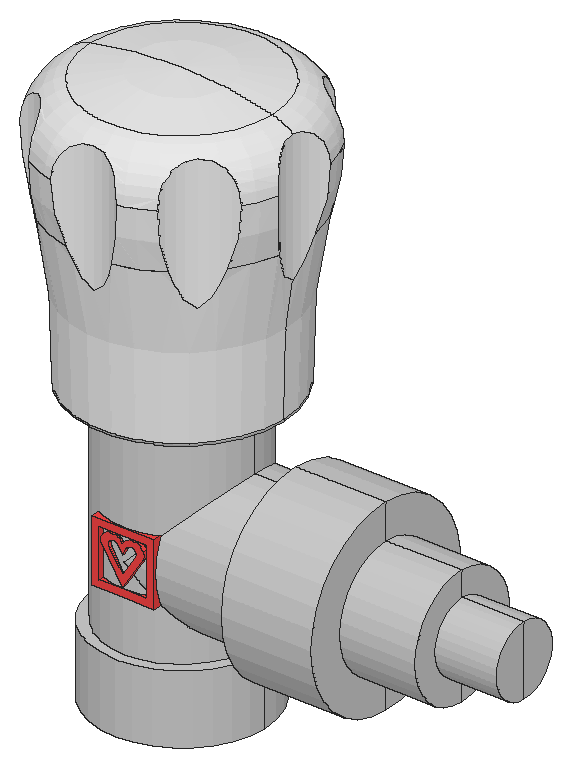
Revit family "Запорно-регулирующий радиаторный клапан GP, угловой 5524", category Rohrzubehör, Revit 2021
Family settings
  Bemaßung runder Anschluss = Durchmesser verwenden
  Teiletyp = Unterbricht
  OmniClass-Nummer = 23.65.55.14
  OmniClass-Titel = Valves for Liquid Services
  Arbeitsebenenbasiert = Nein
  Immer vertikal = Ja
  Beim Laden mit Abzugskörper schneiden = Nein
  Gemeinsam genutzt = Nein
Parameters
  Среда = "Качество воды в соответствии с ÖNORM H 5195 или директивой VDI 2035."
  Область применения = "Системы водяного отопления, в которых требуется точное ручное гидравлическое регулирование подачи воды к отопительным приборам. Рекомендуется также для монтажа в системах холодоснабжения, для точного ручного регулирования регистров охлаждения."
  Номер заказа [instance] = size_lookup("5524_", "Artnr", 0, Nennweite)  # 1552420
  Маховик = "Пластик, белый"  # constant formula
  Макс. рабочее давление = 1000000.0 Pa  # constant formula
  Макс. рабочая температура = 120 °C  # constant formula
  Корпус = "Никелированная латунь"  # constant formula
  Исполнение = "Универсальные модели со специальной муфтой для резьбовой трубы и компрессионных фитингов, никелированные."
  Vorgabe-Ansicht = 0.000 mm
  URL = "www.herz-armaturen.ru"
  SCRNSEQ = "ARM;ARM_TYP=\"ALLF\";2"
  SCRNCODE = "05;00;02"  # constant formula
  S04 = 45.000 mm  # constant formula
  S03 [instance] = H02 - 5.000 mm + 41.000 mm  # 60.000 mm
  S02 [instance] = L04 + L03 - L02  # 25.500 mm
  S01 = 10.000 mm  # constant formula
  Nennweite [instance] = 10.000 mm
  LO1 [instance] = R01 - 0.500 mm  # 10.000 mm
  L04 [instance] = size_lookup("5524_", "L4", 1.000 mm, Nennweite)  # 20.000 mm
  L03 [instance] = size_lookup("5524_", "L3", 1.000 mm, Nennweite)  # 13.000 mm
  L02 [instance] = size_lookup("5524_", "L2", 1.000 mm, Nennweite)  # 7.500 mm
  L01 [instance] = size_lookup("5524_", "L1", 1.000 mm, Nennweite)  # 24.000 mm
  Hersteller = "HERZ Armaturen Ges.m.b.H."  # constant formula
  H03 [instance] = size_lookup("5524_", "H3", 1.000 mm, Nennweite)  # 10.000 mm
  H02 [instance] = size_lookup("5524_", "H2", 1.000 mm, Nennweite)  # 24.000 mm
  H01 [instance] = size_lookup("5524_", "H1", 1.000 mm, Nennweite)  # 22.000 mm
  GT1 [instance] = size_lookup("5524_", "GT1", 1.000 mm, Nennweite)  # 9.000 mm
  GT [instance] = size_lookup("5524_", "GT", 1.000 mm, Nennweite)  # 9.500 mm
  G2 [instance] = Nennweite / 2  # 5.000 mm
  G1 [instance] = Nennweite / 2  # 5.000 mm
  R01 = 10.500 mm  # constant formula
  D05 [instance] = size_lookup("5524_", "D5", 1.000 mm, Nennweite)  # 8.500 mm
  D04 [instance] = size_lookup("5524_", "D4", 1.000 mm, Nennweite)  # 13.500 mm
  D03 [instance] = R01  # 10.500 mm
  D02 [instance] = size_lookup("5524_", "D2", 1.000 mm, Nennweite)  # 7.940 mm
  D01 [instance] = size_lookup("5524_", "D1", 1.000 mm, Nennweite)  # 12.000 mm
Reference planes
  plane 1 "Mitte (Vorne/hinten)": y = 0
  plane 2: z = 0
  plane 3 "Mitte (Links/rechts)": x = 0
Forms (mm)
  Revolve 1, solid, material "Messing, weicher Gelbton, geschweißt", detail levels fine
    sketch origin (0, 0, 0) x (1, 0, 0) y (0, 0, 1)
      loop
        line (0, 24) -> (-10.5, 24) -> (-10.5, -12) -> (-12, -12) -> (-12, -22) -> (-5, -22) -> (-5, -12.5) -> (0, -12.5) -> (0, 24)
      axis (0, 24) -> (0, -22)
    angle from 0 to 360
  Revolve 2, solid, material "Messing, weicher Gelbton, geschweißt", detail levels fine
    sketch origin (0, 0, 0) x (1, 0, 0) y (0, 0, 1)
      loop
        line (0, 0) -> (24, 0) -> (24, 7.94) -> (16.5, 7.94) -> (16.5, 10.5) -> (0, 10.5) -> (0, 0)
      axis (0, 0) -> (24, 0)
    angle from 0 to 360
  Revolve 3, solid, material "Messing, weicher Gelbton, geschweißt", detail levels fine
    sketch origin (-1, 0, 0) x (1, 0, 0) y (0, 0, 1)
      loop
        line (25, 0) -> (50.5, 0) -> (50.5, 5) -> (41.5, 5) -> (41.5, 8.5) -> (30.5, 8.5) -> (30.5, 13.5) -> (17.5, 13.5) -> (17.5, 7.94) -> (25, 7.94) -> (25, 0)
      axis (17.5, 0) -> (50.5, 0)
    angle from 0 to 360
Lines and regions (mm)
  model lines, detail levels coarse+medium
    curve 1: line (0, 0, 0) -> (12, 0, -22)
    curve 2: line (12, 0, -22) -> (-12, 0, -22)
    curve 3: line (-12, 0, -22) -> (0, 0, 0)
    curve 4: line (0, 0, 0) -> (24, 0, 13.5)
    curve 5: line (24, 0, 13.5) -> (24, 0, -13.5)
    curve 6: line (24, 0, -13.5) -> (0, 0, 0)
    curve 7: line (24, 0, 13.5) -> (34, 0, 13.5)
    curve 8: line (34, 0, 13.5) -> (24, 0, 0)
    curve 9: line (24, 0, -13.5) -> (34, 0, -13.5)
    curve 10: line (34, 0, -13.5) -> (24, 0, 0)
    curve 11: line (24, 0, 0) -> (49.5, 0, 0)
    curve 12: line (0, 0, 0) -> (0, 0, 60)
    curve 13: line (-22.5, 0, 60) -> (22.5, 0, 60)
    curve 14: line (0, 0, 0) -> (0, 60, 0)
    curve 15: line (-22.5, 60, 0) -> (22.5, 60, 0)
    curve 16: line (0, 0, 0) -> (12, -22, 0)
    curve 17: line (12, -22, 0) -> (-12, -22, 0)
    curve 18: line (-12, -22, 0) -> (0, 0, 0)
    curve 19: line (0, 0, 0) -> (24, 13.5, 0)
    curve 20: line (24, 13.5, 0) -> (24, -13.5, 0)
    curve 21: line (24, -13.5, 0) -> (0, 0, 0)
    curve 22: line (24, 13.5, 0) -> (34, 13.5, 0)
    curve 23: line (34, 13.5, 0) -> (24, 0, 0)
    curve 24: line (24, -13.5, 0) -> (34, -13.5, 0)
    curve 25: line (24, 0, 0) -> (34, -13.5, 0)
Dimensions and locks
  "H02": Revolve 1 sketch curve to plane 2
  "H01": plane 2 to Revolve 1 sketch curve
  "R01": Revolve 1 sketch curve to Revolve 1 sketch curve
  "G1": Revolve 1 sketch curve to Revolve 1 sketch curve
  "D01": Revolve 1 sketch curve to Revolve 1 sketch curve
  "GT": Revolve 1 sketch curve to Revolve 1 sketch curve
  "H03": Revolve 1 sketch curve to Revolve 1 sketch curve
  "D02": Revolve 2 sketch curve to Revolve 2 sketch curve
  "D03": Revolve 2 sketch curve to Revolve 2 sketch curve
  "L01": Revolve 2 sketch curve to Revolve 2 sketch curve
  "L02": Revolve 2 sketch curve to Revolve 2 sketch curve
  "H02": nested 1 to plane 2
  "LO1": nested 2 to plane 1 "Mitte (Vorne/hinten)"
  "L02": Revolve 3 sketch curve to Revolve 3 sketch curve
  "L03": Revolve 3 sketch curve to Revolve 3 sketch curve
  "L04": Revolve 3 sketch curve to Revolve 3 sketch curve
  "D04": Revolve 3 sketch curve to Revolve 3 sketch curve
  "G2": Revolve 3 sketch curve to Revolve 3 sketch curve
  "D05": Revolve 3 sketch curve to Revolve 3 sketch curve
  "GT1": Revolve 3 sketch curve to Revolve 3 sketch curve
  "L01": plane 3 "Mitte (Links/rechts)" to Revolve 3 sketch curve
  "D02": Revolve 3 sketch curve to plane 2
  "H01": plane 2 to curve 2
  "L01": curve 5 to plane 3 "Mitte (Links/rechts)"
  "D01": curve 2 to plane 3 "Mitte (Links/rechts)" to curve 3
  "D04": curve 5 to plane 2 to curve 6
  "S01": curve 5 to curve 8
  "S01": curve 5 to curve 10
  "S02": curve 11 to curve 11
  "S03": curve 12 to plane 2
  equal spacing: curve 13, curve 12, curve 13
  "S04": curve 13 to curve 13
  "S04": curve 15 to curve 15
  equal spacing: curve 15, curve 14, curve 15
  "S03": plane 1 "Mitte (Vorne/hinten)" to curve 14
  "H01": curve 17 to plane 1 "Mitte (Vorne/hinten)"
  "D01": curve 18 to plane 3 "Mitte (Links/rechts)" to curve 17
  "L01": plane 3 "Mitte (Links/rechts)" to curve 20
  "D04": curve 21 to plane 1 "Mitte (Vorne/hinten)" to curve 20
  "S01": curve 20 to curve 23
  "S01": curve 20 to curve 25
  aligned and locked: level to plane 2
Automatic sketch dimensions
  curve 12 to plane 3 "Mitte (Links/rechts)" = 0.000 mm
  curve 4 to level = 0.000 mm
  curve 10 to level = 0.000 mm
  curve 8 to level = 0.000 mm
  plane 1 "Mitte (Vorne/hinten)" to curve 16 = 0.000 mm
  curve 16 to plane 3 "Mitte (Links/rechts)" = 0.000 mm
  plane 1 "Mitte (Vorne/hinten)" to curve 23 = 0.000 mm
  Revolve 1 sketch curve to plane 3 "Mitte (Links/rechts)" = 0.000 mm  (x2)
  Revolve 1 sketch curve to Revolve 1 sketch curve = 345.545 mm
  Revolve 1 sketch curve to Revolve 1 sketch curve = 2189.815 mm
  Revolve 2 sketch curve to level = 0.000 mm  (x2)
  Revolve 2 sketch curve to plane 3 "Mitte (Links/rechts)" = 0.000 mm
  Revolve 2 sketch curve to plane 3 "Mitte (Links/rechts)" = 1506.530 mm
  Revolve 2 sketch curve to Revolve 2 sketch curve = 1815.148 mm
  Revolve 3 sketch curve to level = 0.000 mm  (x2)
  Revolve 3 sketch curve to plane 3 "Mitte (Links/rechts)" = 1507.530 mm
  Revolve 3 sketch curve to Revolve 3 sketch curve = 1789.648 mm
Nested families
  nested 1: "Handrad-Heizkörperventile" at (0, 0, 18.5), type "Handrad-Heizkörperventile", detail levels fine
  nested 2: "Herz-Logo-vorne" at (0, -10, 0) x (0, -1, 0) z (0, 0, 1), type "Herz-Logo-vorne", detail levels fine
Connectors
  piping at (0, 0, -12.5), diameter 10, driven by "Nennweite"
    settings: on Revolve 1, index 1, connector inside diameter 609.6 mm, connector length 0.000 mm, flow factor 0, pipe flow 0.0 L/s, pressure drop 0.0 Pa, fitting loss kfactor 0, connector angle 0.00°, fixture units 0, engagement length 0.000 mm, angle of deflection 0.00°, flow configuration 0, flow direction 1, fitting loss method 0, system type 7, joint type 0, gender type 0, connector reference index -1, connector utility 0, adjustable connector no, is connector primary yes, connector description ""
  piping at (49.5, 0, 0), diameter 10, driven by "Nennweite"
    settings: on Revolve 3, index 2, connector inside diameter 609.6 mm, connector length 0.000 mm, flow factor 0, pipe flow 0.0 L/s, pressure drop 0.0 Pa, fitting loss kfactor 0, connector angle 0.00°, fixture units 0, engagement length 0.000 mm, angle of deflection 0.00°, flow configuration 0, flow direction 2, fitting loss method 0, system type 7, joint type 0, gender type 0, connector reference index -1, connector utility 0, adjustable connector no, is connector primary no, connector description ""
Definition of nested family "Handrad-Heizkörperventile"
  Parameters (values of type "Handrad-Heizkörperventile")
    Default Elevation = 0.000 mm
    T01 = 5.500 mm  # constant formula
    R01 = 10.500 mm  # constant formula
  Reference planes
    plane 1 "Mitte (Vorne/hinten)": y = 0
    plane 2: z = 0
    plane 3 "Mitte (Links/rechts)": x = 0
  Forms (mm)
    Revolve 1, solid, detail levels fine
      sketch origin (0, 0, 0) x (1, 0, 0) y (0, 0, 1)
        loop
          line (10.5, 0) -> (14.25, 0)
          arc (14.25, 0) -> (14.604, 0.146) -> (14.75, 0.5) r 0.5
          arc (14.75, 0.5) -> (15.098, 12.356) -> (17.195, 24.03) r 80
          arc (17.195, 24.03) -> (18.172, 28.281) -> (18.5, 32.63) r 29
          arc (18.5, 32.63) -> (17.011, 36.946) -> (13.177, 39.426) r 7
          arc (13.177, 39.426) -> (6.637, 40.626) -> (0, 41.028) r 55
          line (0, 41.028) -> (0, 5.5) -> (10.5, 5.5) -> (10.5, 0)
        axis (0, 41.028) -> (0, 0)
      angle from 0 to 360
    Extrusion 2, void
      sketch origin (0, 0, 0) x (1, 0, 0) y (0, 1, 0)
        loop
          arc (-16.011, 9.268) -> (-11.314, 11.314) -> (-9.268, 16.011) r 7
          arc (-9.268, 16.011) -> (-13.081, 13.081) -> (-16.011, 9.268) r 18.5
        loop
          arc (16.011, 9.268) -> (13.081, 13.081) -> (9.268, 16.011) r 18.5
          arc (9.268, 16.011) -> (11.314, 11.314) -> (16.011, 9.268) r 7
        loop
          arc (-16.011, -9.268) -> (-13.081, -13.081) -> (-9.268, -16.011) r 18.5
          arc (-9.268, -16.011) -> (-11.314, -11.314) -> (-16.011, -9.268) r 7
        loop
          arc (16.011, -9.268) -> (11.314, -11.314) -> (9.268, -16.011) r 7
          arc (9.268, -16.011) -> (13.081, -13.081) -> (16.011, -9.268) r 18.5
        loop
          arc (17.953, 4.58) -> (16.078, -0.188) -> (17.953, -4.956) r 7
          arc (17.953, -4.956) -> (18.578, -0.188) -> (17.953, 4.58) r 18.5
        loop
          arc (-17.953, 4.58) -> (-18.578, -0.188) -> (-17.953, -4.956) r 18.5
          arc (-17.953, -4.956) -> (-16.078, -0.188) -> (-17.953, 4.58) r 7
        loop
          arc (-4.58, 17.953) -> (0.188, 16.078) -> (4.956, 17.953) r 7
          arc (4.956, 17.953) -> (0.188, 18.578) -> (-4.58, 17.953) r 18.5
        loop
          arc (-4.58, -17.953) -> (0.188, -18.578) -> (4.956, -17.953) r 18.5
          arc (4.956, -17.953) -> (0.188, -16.078) -> (-4.58, -17.953) r 7
      from 15.609 to 43.011
  Cuts and joins
    Extrusion 2 cuts Revolve 1
  Dimensions and locks
    "R01": Revolve 1 sketch curve to Revolve 1 sketch curve
    Revolve 1 sketch curve to plane 3 "Mitte (Links/rechts)" = 14.750 mm
    "T01": Revolve 1 sketch curve to Revolve 1 sketch curve
    aligned and locked: level to plane 2
  Automatic sketch dimensions
    Extrusion 2 sketch curve to Extrusion 2 sketch curve = 0.000 mm  (x14)
    plane 1 "Mitte (Vorne/hinten)" to Extrusion 2 sketch curve = 0.000 mm
    Extrusion 2 sketch curve to plane 3 "Mitte (Links/rechts)" = 0.000 mm
    Extrusion 2 sketch curve to plane 3 "Mitte (Links/rechts)" = 0.078 mm
    Extrusion 2 sketch curve to plane 3 "Mitte (Links/rechts)" = 16.263 mm  (x2)
    plane 1 "Mitte (Vorne/hinten)" to Extrusion 2 sketch curve = 0.188 mm  (x2)
    Extrusion 2 sketch curve to Extrusion 2 sketch curve = 6.815 mm  (x4)
    plane 3 "Mitte (Links/rechts)" to Extrusion 2 sketch curve = 0.078 mm
    plane 3 "Mitte (Links/rechts)" to Extrusion 2 sketch curve = 0.188 mm  (x2)
    plane 1 "Mitte (Vorne/hinten)" to Extrusion 2 sketch curve = 0.078 mm
    Extrusion 2 sketch curve to Extrusion 2 sketch curve = 0.110 mm  (x2)
    Extrusion 2 sketch curve to plane 1 "Mitte (Vorne/hinten)" = 0.078 mm
    plane 3 "Mitte (Links/rechts)" to Extrusion 2 sketch curve = 16.263 mm  (x2)
    plane 1 "Mitte (Vorne/hinten)" to Extrusion 2 sketch curve = 16.263 mm  (x2)
    Extrusion 2 sketch curve to plane 1 "Mitte (Vorne/hinten)" = 16.263 mm  (x2)
    Extrusion 2 sketch curve to plane 3 "Mitte (Links/rechts)" = 4.580 mm  (x2)
    Extrusion 2 sketch curve to Extrusion 2 sketch curve = 4.688 mm  (x2)
    Extrusion 2 sketch curve to Extrusion 2 sketch curve = 0.252 mm  (x4)
    Extrusion 2 sketch curve to Extrusion 2 sketch curve = 1.942 mm  (x4)
    Extrusion 2 sketch curve to Extrusion 2 sketch curve = 4.312 mm  (x4)
    Revolve 1 sketch curve to plane 3 "Mitte (Links/rechts)" = 0.000 mm  (x2)
    Revolve 1 sketch curve to level = 0.000 mm
    Revolve 1 sketch curve to plane 3 "Mitte (Links/rechts)" = 10.500 mm
    plane 3 "Mitte (Links/rechts)" to Revolve 1 sketch curve = 11.500 mm
    Revolve 1 sketch curve to Revolve 1 sketch curve = 0.500 mm
    level to Revolve 1 sketch curve = 4.086 mm
    Revolve 1 sketch curve to Revolve 1 sketch curve = 79.920 mm
    Revolve 1 sketch curve to level = 13.972 mm
    Revolve 1 sketch curve to Revolve 1 sketch curve = 27.130 mm
    Revolve 1 sketch curve to Revolve 1 sketch curve = 8.398 mm
    Revolve 1 sketch curve to Revolve 1 sketch curve = 0.000 mm
    Revolve 1 sketch curve to Revolve 1 sketch curve = 1.305 mm
    Revolve 1 sketch curve to Revolve 1 sketch curve = 352.073 mm
    Revolve 1 sketch curve to Revolve 1 sketch curve = 2173.287 mm
Definition of nested family "Herz-Logo-vorne"
  Parameters (values of type "Herz-Logo-vorne")
    Default Elevation = 0.000 mm
  Reference planes
    plane 1 "Mitte (Vorne/hinten)": y = 0
    plane 2: z = 0
    plane 3 "Mitte (Links/rechts)": x = 0
  Forms (mm)
    Extrusion 1, solid
      sketch origin (0.732, -0.018, 0.017) x (0, -1, 0) y (0, 0, 1)
        loop
          line (-0.018, -4.517) -> (4.482, -4.517) -> (4.482, 4.483) -> (-4.518, 4.483) -> (-4.518, -4.517) -> (-0.018, -4.517)
        loop
          line (-0.05, -3.48) -> (3.482, -3.48) -> (3.482, 3.483) -> (-3.518, 3.483) -> (-3.518, -3.48) -> (-0.05, -3.48)
        loop
          arc (-0.018, 2.383) -> (-1.543, 3.287) -> (-3.067, 2.383) r 1.738
          arc (-3.067, 2.383) -> (-3.191, 1.899) -> (-3.067, 1.415) r 1.009
          line (-3.067, 1.415) -> (-0.018, -3.281) -> (3.032, 1.415)
          arc (3.032, 1.415) -> (3.156, 1.899) -> (3.032, 2.383) r 1.009
          arc (3.032, 2.383) -> (1.507, 3.287) -> (-0.018, 2.383) r 1.738
        loop
          arc (1.885, 1.272) -> (2.005, 1.675) -> (1.885, 2.079) r 0.74
          arc (1.885, 2.079) -> (1.265, 2.416) -> (0.644, 2.079) r 0.74
          line (0.644, 2.079) -> (-0.018, 0.97) -> (-0.679, 2.079)
          arc (-0.679, 2.079) -> (-1.3, 2.416) -> (-1.921, 2.079) r 0.74
          arc (-1.921, 2.079) -> (-2.04, 1.675) -> (-1.921, 1.272) r 0.74
          line (-1.921, 1.272) -> (-0.018, -1.658) -> (1.885, 1.272)
      from 0 to 1.5
  Dimensions and locks
    aligned and locked: level to plane 2
